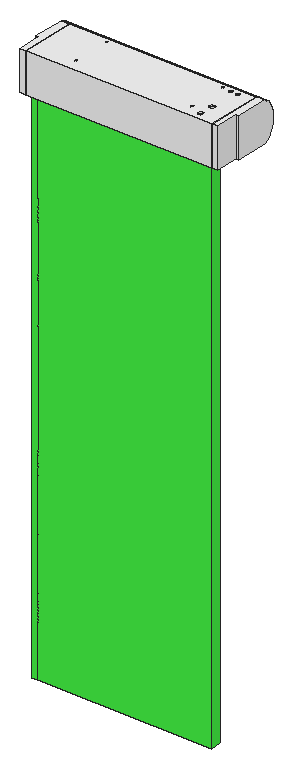
Revit family "Thermoscreens_AirCurtain_T1000NT", category Mechanical Equipment, Revit 2015
Parameters (values of type "T1000E NT")
  Weight (kg) = "28"
  WaterContent = "n/a"
  WarrantyStartDate(default) = "from date sold"
  WarrantyGuarantorParts = "2 years"
  WarrantyGuarantorLabour = "2years"
  WarrantyDurationParts = "2years"
  WarrantyDurationLabour = "2 years"
  WarrantyDescription = "unit fully covered for 2 years"
  Version = 1 mm
  UsageCurrent = "14.1"
  UnitWidth = 233.4 mm
  UnitLength = 1059 mm
  Uniclass2 = "G52HVAC"
  URL = "http://www.thermoscreens.com/"
  Type Comments = "0.0"
  TubingLength = 87 mm
  ThermalMassHeatCapacity = "0.0"
  ThermalEfficiency = 0 mm
  TempertureClassification = "Low Temperature"
  TagNumber(default) = "n/a"
  SustainabilityPerformance = "n/a"
  Supply(50Hz) = "400V~3P&N"
  Status = "New"
  Size = "1196 x 377 x 275"
  Shape = "n/a"
  ServiceLifeType = "n/a"
  ServiceLifeDuration = "2 years"
  SerialNumber(default) = "n/a"
  RightHandAssembly = no
  ReferenceStandard = "n/a"
  Reference = "n/a"
  RatedVoltage = "400v 3Phase+N"
  RatedCurrent = 13.7 mm
  ProductionYear = "2015"
  Product URL = "http://www.thermoscreens.com/our-product-range/t-range"
  Process = "n/a"
  PowerFactor = 0 mm
  PlacementType = 0 mm
  ReplacementCost = "n/a"
  PhaseReference = "L1 L2 L3+N+E"
  PhaseAngle = 0 mm
  OutputCapacity = "6/9"
  NumberOfSections = 0 mm
  NumberOfPoles = 0 mm
  NumberOfPanels = 0 mm
  NominalWidth = "225mm"
  NominalVoltage = "0.0"
  NominalLength = "1196mm"
  NominalHeight = "377mm"
  NominalFrequencyRange = 0 mm
  NominalCurrent = "+5% of 400v"
  NBSTypeID = "n/a"
  NBSReference = "n/a"
  NBSNote = "n/a"
  NBSDecription = "Surface mouted air curtain"
  MountingHeight = 3000 mm
  ModelReference = "T1000E NT"
  ModelLable = "n/a"
  Model = "T1000E NT"
  MinToMaxOffsetFromFloor = "up to 3meters"
  MethodOfMeasurement = "mm"
  MaxiumMountingHeight = 3000 mm
  Max.Velocity(m/s) = "8"
  Max.AirVolume(m3/h) = "1320"
  Material = "20 gauge sheet steel"
  ManufacturerURL = "http://www.thermoscreens.com/"
  Manufacturer = "Thermoscreens LTD"
  Loading(A)*PerPhase = "14.1"
  LifeCyclePhase = "n/a"
  LeftHandAssembly = yes
  Keynote = "n/a"
  IssueDate = "26/03/15"
  InsulationStandardClass = "0.0"
  InstallationDate(default) = "n/a"
  IfcExportType = "n/a"
  IfcExportAs = "n/a"
  IP_Code = "IP21"
  Help = "http://www.thermoscreens.com/contact-us"
  HeatTransferMedium = "n/a"
  HeatTransferDimension = "n/a"
  Heat source = "Electric heated elements or low pressure hot water coils"
  HeatOutput(kW) = "6/9"
  HasProtectiveEarth = "True"
  Grade = "n/a"
  Finish = "Corrision resistant pre-finished 20 gauge sheet steel"
  Filters(optional) = "PS media"
  Features = "n/a"
  Fans = "100mm forward curved metal bladed crossflow impellers"
  EnergySource = 0 mm
  ElectrialDeviceNominalPower = "6/9(kW)"
  Documentation = "n/a"
  DocumentReference = "n/a"
  Description = "Thermoscreens T range of air curtains will provide climate separation and available in standard widths of 1, 1.5 and 2m.  Models available are ambient (without heating), electrical or water heated versions. Water heated (LPHW) versions are available with 2 and 3 row coils. Motorised three port valves are supplied as standard with all LPHW models. Electrical and LPHW models are supplied complete with Ecopower control."
  Author = "Thermoscreens ltd"
  Coulor = "RAL standard 9010 (white) this can be changed upon request of the customer"
  Cost = 0
  Constituents = "n/a"
  Connections = "Electrial supply inlet"
  ConductorFunction = "0.0"
  Color = "As standered white but this can be changed to the ordered color."
  CodePerformance = "n/a"
  CenterY = UnitWidth / 2  # 116.7 mm
  CenterX = UnitLength / 2  # 529.5 mm
  BodyMass(kg) = 28 mm
  BarCode(default) = "n/a"
  BIMObjectName = "Thermoscreens_AirCurtain_C1000ENT"
  AssetIdentifier(default) = "n/a"
  Assembly Code = "0.0"
  AirFlowDirection = yes
  Air flow = yes
  AccessibilityPerformance = "n/a"
  **dB(A) @3m Med = "55"
  **dB(A) @3m Low = "54"
  **dB(A)@3mHigh = "56"
Types (4, lengths in mm): name | Weight (kg) | UsageCurrent | UnitLength | TubingLength | Supply(50Hz) | Size | RatedVoltage | RatedCurrent | OutputCapacity | NominalWidth | NominalLength | NominalHeight | NominalCurrent | ModelReference | Model | Max.Velocity(m/s) | Max.AirVolume(m3/h) | Loading(A)*PerPhase | IssueDate | Heat source | HeatOutput(kW) | ElectrialDeviceNominalPower | CenterX | BodyMass(kg) | BIMObjectName | Assembly Code
  (no name) | "28" | "14.1" | 1059 | 87 | "400V~3P&N" | "1196 x 377 x 275" | "400v 3Phase+N" | 13.7 | "6/9" | "225mm" | "1196mm" | "377mm" | "+5% of 400v" | "T1000E NT" | "T1000E NT" | "8" | "1320" | "14.1" | "26/03/15" | "Electric heated elements or low pressure hot water coils" | "6/9" | "6/9(kW)" | 529.5 | 28 | "Thermoscreens_AirCurtain_C1000ENT" | "0.0"
  T1000E NT | "28" | "14.1" | 1059 | 87 | "400V~3P&N" | "1196 x 377 x 275" | "400v 3Phase+N" | 13.7 | "6/9" | "225mm" | "1196mm" | "377mm" | "+5% of 400v" | "T1000E NT" | "T1000E NT" | "8" | "1320" | "14.1" | "26/03/15" | "Electric heated elements or low pressure hot water coils" | "6/9" | "6/9(kW)" | 529.5 | 28 | "Thermoscreens_AirCurtain_C1000ENT" | "0.0"
  T1000A NT | "27" | "0.7" | 1059 | 87 | "230V~1P&N" | "1196 x 377 x 275" | "230v 1Phase+N" | 0.7 | "n/a" | "198mm" | "1137mm" | "275mm" | "+5% of 230v" | "T1000A NT" | "T1000A NT" | "9.0" | "1250" | "1.1" | "26/03/15" | "n/a" | "n/a" | "n/a" | 529.5 | 27 | "Thermoscreens_AirCurtain_1000ANT" | "n/a"
  C1000W NT | "29" | "1.1" | 1104 | 0 | "230V~1P&N" | "1196 x 377x 225" | "230v 1Phase+N" | 0.7 | "9" | "2255mm" | "1250mm" | "377mm" | "+5% of 230v" | "T1000W NT" | "T1000W NT" | "8.5" | "1250" | "1.1" | "26/03/2015" | "Electric heated elements or low pressure hot water coils" | "9" | "9(kW)" | 552 | 29 | "Thermoscreens_AirCurtain_T1000WNT" | "0.0"
Reference planes
  plane 1 "Center (Front/Back)": y = 0
  plane 2: z = 3000
  plane 3 "Center (Left/Right)": x = 0
Forms (mm)
  Extrusion 1, solid, material "Default"
    sketch origin (0, 0, 3000) x (1, 0, 0) y (0, 1, 0)
      loop
        line (552, -116.7) -> (552, 200.3) -> (-519.245, 200.3) -> (-519.245, -116.7) -> (552, -116.7)
    from 0 to 1.2
  Extrusion 2, solid, material "Default"
    sketch origin (552, -116.7, 3000) x (-1, 0, 0) y (0, 0, -1)
      loop
        line (1071.245, 0) -> (0, 0) -> (0, -225) -> (1071.245, -225) -> (1071.245, 0)
    from 0 to -1.2
  Extrusion 3, solid, material "Default"
    sketch origin (-550.698, 116.7, 3198) x (0, -1, 0) y (1, 0, 0)
      loop
        line (233.4, 31.612) -> (233.4, 1102.698) -> (-83.6, 1102.698) -> (-83.6, 31.612) -> (233.4, 31.612)
    from 27 to 26.1
  Extrusion 4, solid, material "Default"
    sketch origin (552, -116.7, 3225) x (0, 0, -1) y (0, 1, 0)
      loop
        line (0, 317) -> (225, 317) -> (207.5, 347.311)
        arc (207.5, 347.311) -> (112.5, 377) -> (17.5, 347.311) r 166.836
        line (17.5, 347.311) -> (0, 317)
    from 0 to -1104
  Extrusion 5, solid, material "Default"
    sketch origin (552, -116.7, 3225) x (0, 0, -1) y (0, 1, 0)
      loop
        line (0, 0) -> (225, 0) -> (225, 317) -> (207.5, 347.311)
        arc (207.5, 347.311) -> (112.5, 377) -> (17.5, 347.311) r 166.836
        line (17.5, 347.311) -> (0, 317) -> (0, 0)
    from 0 to 32
  Extrusion 6, solid, material "Default"
    sketch origin (584, -116.7, 3225) x (0, 0, -1) y (0, 1, 0)
      loop
        line (0, 130) -> (225, 130) -> (225, 317) -> (207.5, 347.311)
        arc (207.5, 347.311) -> (112.5, 377) -> (17.5, 347.311) r 166.836
        line (17.5, 347.311) -> (0, 317) -> (0, 130)
    from 0 to 14
  Extrusion 7, solid, material "Default"
    sketch origin (-551.1, -116.7, 3000) x (0, 0, -1) y (0, 1, 0)
      loop
        line (-225, 317) -> (-225, 0) -> (0, 0) -> (0, 317) -> (-17.5, 347.311)
        arc (-17.5, 347.311) -> (-112.5, 377) -> (-207.5, 347.311) r 166.836
        line (-207.5, 347.311) -> (-225, 317)
    from 0 to 32
  Extrusion 8, solid, material "Default"
    sketch origin (-552, -116.7, 3000) x (0, 0, 1) y (0, 1, 0)
      loop
        line (225, 130) -> (225, 317) -> (207.5, 347.311)
        arc (207.5, 347.311) -> (112.5, 377) -> (17.5, 347.311) r 166.836
        line (17.5, 347.311) -> (0, 317) -> (0, 130) -> (225, 130)
    from -0.9 to 14
  Extrusion 9, void
    sketch origin (-520.071, -116.7, 3225) x (0, 1, 0) y (1, 0, 0)
      loop
        circle (40, 975.071) r 15
      loop
        circle (120, 975.071) r 15
      loop
        circle (280, 995.071) r 10
      loop
        circle (280, 955.071) r 10
    from 0 to 0.9
  Extrusion 10, void
    sketch origin (-520.071, -116.7, 3225) x (0, 1, 0) y (1, 0, 0)
      loop
        circle (69, 235.527) r 5
      loop
        circle (289, 235.527) r 5
      loop
        circle (289, 902.771) r 5
      loop
        circle (69, 902.771) r 5
    from 0 to 0.9
  Extrusion 11, solid, material "Default New Material"
    sketch origin (-520.071, -116.7, 3000) x (0, -1, 0) y (-1, 0, 0)
      loop
        line (-22, -1052.071) -> (-22, -53.727) -> (-22, -20.827) -> (-57, -20.827) -> (-82, -20.827) -> (-82, -53.727) -> (-82, -1052.071) -> (-22, -1052.071)
    from 0 to 3000
Cuts and joins
  Extrusion 9, Extrusion 10 cuts Extrusion 1
  Extrusion 9, Extrusion 10 cuts Extrusion 2
  Extrusion 9, Extrusion 10 cuts Extrusion 3
  joined: Extrusion 1, Extrusion 2, Extrusion 3
  joined: Extrusion 7, Extrusion 8
  joined: Extrusion 5, Extrusion 6
Lines and regions (mm)
  model lines, visible <- "AirFlowDirection", detail levels fine
    curve 1: line (0, -81.532, 2990) -> (0, -79.505, 2990)
    curve 2: line (0, -79.505, 2990) -> (0, -79.505, 2980)
    curve 3: line (0, -79.505, 2980) -> (0, -77.505, 2980)
    curve 4: line (0, -81.532, 2990) -> (0, -81.532, 2980)
    curve 5: line (0, -81.532, 2980) -> (0, -83.532, 2980)
    curve 6: line (0, -80.5, 2973) -> (0, -83.532, 2980)
    curve 7: line (0, -80.5, 2973) -> (0, -77.505, 2980)
Dimensions and locks
  "CenterY": plane 1 "Center (Front/Back)" to Extrusion 1 sketch curve
  aligned and locked: level to plane 2
Automatic sketch dimensions
  plane 1 "Center (Front/Back)" to curve 6 = 83.532 mm
  curve 5 to curve 4 = 2 mm
  curve 4 to curve 3 = 2.027 mm
  curve 4 to curve 2 = 0 mm
  curve 2 to curve 2 = 10 mm
  curve 7 to level = 20 mm
  curve 2 to curve 7 = 2 mm
  curve 6 to level = 27 mm
  curve 6 to curve 2 = 0.995 mm
  Extrusion 2 sketch curve to Extrusion 1 = 0 mm  (x2)
  Extrusion 2 sketch curve to Extrusion 1 = 223.8 mm
  Extrusion 3 sketch curve to plane 1 "Center (Front/Back)" = 200.3 mm
  plane 1 "Center (Front/Back)" to Extrusion 3 sketch curve = 116.7 mm
  Extrusion 3 sketch curve to plane 3 "Center (Left/Right)" = 519.085 mm
  plane 3 "Center (Left/Right)" to Extrusion 3 sketch curve = 552 mm
  Extrusion 1 sketch curve to plane 1 "Center (Front/Back)" = 200.3 mm
  plane 3 "Center (Left/Right)" to Extrusion 1 sketch curve = 552 mm
  Extrusion 1 sketch curve to plane 3 "Center (Left/Right)" = 519.245 mm
  Extrusion 1 to Extrusion 2 sketch curve = 0 mm
  Extrusion 6 sketch curve to Extrusion 5 = 0 mm  (x4)
  Extrusion 5 to Extrusion 6 sketch curve = 0 mm  (x2)
  Extrusion 6 sketch curve to Extrusion 5 = 130 mm
  Extrusion 9 sketch curve to Extrusion 2 = 38.8 mm
  Extrusion 9 sketch curve to Extrusion 9 sketch curve = 80 mm
  Extrusion 2 to Extrusion 9 sketch curve = 77 mm
  Extrusion 2 to Extrusion 9 sketch curve = 97 mm
  Extrusion 9 sketch curve to Extrusion 9 sketch curve = 0 mm  (x2)
  Extrusion 9 sketch curve to Extrusion 9 sketch curve = 160 mm
  Extrusion 9 sketch curve to Extrusion 9 sketch curve = 40 mm
  Extrusion 10 sketch curve to Extrusion 2 = 67.8 mm  (x2)
  Extrusion 2 to Extrusion 10 sketch curve = 169.3 mm  (x2)
  Extrusion 10 sketch curve to Extrusion 10 sketch curve = 220 mm  (x2)
  Extrusion 10 sketch curve to Extrusion 2 = 234.7 mm
  Extrusion 10 sketch curve to Extrusion 10 sketch curve = 0 mm
  Extrusion 4 sketch curve to level = 0 mm
  level to Extrusion 4 sketch curve = 17.5 mm
  level to Extrusion 4 sketch curve = 112.5 mm
  Extrusion 4 sketch curve to Extrusion 4 sketch curve = 95 mm
  Extrusion 4 sketch curve to Extrusion 4 sketch curve = 17.5 mm
  Extrusion 4 sketch curve to plane 1 "Center (Front/Back)" = 93.464 mm
  Extrusion 4 sketch curve to Extrusion 4 sketch curve = 106.836 mm
  Extrusion 4 sketch curve to Extrusion 4 sketch curve = 30.311 mm
  Extrusion 5 sketch curve to level = 0 mm
  level to Extrusion 5 sketch curve = 17.5 mm
  Extrusion 5 sketch curve to plane 1 "Center (Front/Back)" = 93.464 mm
  level to Extrusion 5 sketch curve = 112.5 mm
  Extrusion 5 sketch curve to Extrusion 5 sketch curve = 95 mm
  level to Extrusion 5 sketch curve = 225 mm
  plane 1 "Center (Front/Back)" to Extrusion 5 sketch curve = 116.7 mm
  Extrusion 5 sketch curve to Extrusion 5 sketch curve = 106.836 mm  (x2)
  Extrusion 5 sketch curve to Extrusion 5 sketch curve = 30.311 mm
  Extrusion 7 sketch curve to level = 0 mm
  level to Extrusion 7 sketch curve = 17.5 mm
  level to Extrusion 7 sketch curve = 112.5 mm
  Extrusion 7 sketch curve to Extrusion 7 sketch curve = 95 mm
  Extrusion 7 sketch curve to Extrusion 7 sketch curve = 17.5 mm
  plane 1 "Center (Front/Back)" to Extrusion 7 sketch curve = 116.7 mm
  Extrusion 7 sketch curve to plane 1 "Center (Front/Back)" = 93.464 mm
  Extrusion 7 sketch curve to Extrusion 7 sketch curve = 106.836 mm  (x2)
  Extrusion 7 sketch curve to Extrusion 7 sketch curve = 30.311 mm
  Extrusion 8 sketch curve to level = 0 mm
  level to Extrusion 8 sketch curve = 17.5 mm
  Extrusion 8 sketch curve to plane 1 "Center (Front/Back)" = 93.464 mm
  level to Extrusion 8 sketch curve = 112.5 mm
  Extrusion 8 sketch curve to Extrusion 8 sketch curve = 95 mm
  Extrusion 8 sketch curve to Extrusion 8 sketch curve = 17.5 mm
  Extrusion 8 sketch curve to plane 1 "Center (Front/Back)" = 13.3 mm
  Extrusion 8 sketch curve to Extrusion 8 sketch curve = 106.836 mm  (x2)
  Extrusion 8 sketch curve to Extrusion 8 sketch curve = 30.311 mm
  Extrusion 2 to Extrusion 11 sketch curve = 80.8 mm
  Extrusion 11 sketch curve to Extrusion 11 sketch curve = 32.9 mm  (x2)
  Extrusion 2 to Extrusion 11 sketch curve = 20 mm
  Extrusion 2 to Extrusion 11 sketch curve = 20.8 mm
  Extrusion 11 sketch curve to Extrusion 11 sketch curve = 25 mm
  Extrusion 2 to Extrusion 11 sketch curve = 52.9 mm
  radius of Extrusion 6 sketch curve to Extrusion 5 = 0 mm
  radius of Extrusion 9 sketch curve = 15 mm  (x2)
  radius of Extrusion 9 sketch curve = 10 mm  (x2)
  radius of Extrusion 10 sketch curve = 5 mm  (x4)
Connectors
  piping at (455, 3.3, 3225), diameter 30
    settings: on cut or joined group of Extrusion 1, Extrusion 2, Extrusion 3, Extrusion 9, Extrusion 10, index 1, connector inside diameter 609.6 mm, connector length 0 mm, flow factor 0, pipe flow 0.0 L/s, pressure drop 0.0 Pa, fitting loss kfactor 0, connector angle 0.00°, fixture units 0, engagement length 0 mm, angle of deflection 0.00°, flow configuration 0, flow direction 1, fitting loss method 0, system type 19, joint type 0, gender type 0, connector reference index -1, connector utility 0, adjustable connector no, is connector primary yes, connector description ""
  piping at (455, -76.7, 3224.1), diameter 30
    settings: on cut or joined group of Extrusion 1, Extrusion 2, Extrusion 3, Extrusion 9, Extrusion 10, index 2, connector inside diameter 609.6 mm, connector length 0 mm, flow factor 0, pipe flow 0.0 L/s, pressure drop 0.0 Pa, fitting loss kfactor 0, connector angle 0.00°, fixture units 0, engagement length 0 mm, angle of deflection 0.00°, flow configuration 0, flow direction 2, fitting loss method 0, system type 19, joint type 0, gender type 0, connector reference index -1, connector utility 0, adjustable connector no, is connector primary no, connector description ""
  piping at (-284.545, 172.3, 3224.1), diameter 10
    settings: on cut or joined group of Extrusion 1, Extrusion 2, Extrusion 3, Extrusion 9, Extrusion 10, index 3, connector inside diameter 609.6 mm, connector length 0 mm, flow factor 0, pipe flow 0.0 L/s, pressure drop 0.0 Pa, fitting loss kfactor 0, connector angle 0.00°, fixture units 0, engagement length 0 mm, angle of deflection 0.00°, flow configuration 0, flow direction 0, fitting loss method 0, system type 28, joint type 0, gender type 0, connector reference index -1, connector utility 0, adjustable connector no, is connector primary no, connector description ""
  piping at (-284.545, -47.7, 3225), diameter 10
    settings: on cut or joined group of Extrusion 1, Extrusion 2, Extrusion 3, Extrusion 9, Extrusion 10, index 4, connector inside diameter 609.6 mm, connector length 0 mm, flow factor 0, pipe flow 0.0 L/s, pressure drop 0.0 Pa, fitting loss kfactor 0, connector angle 0.00°, fixture units 0, engagement length 0 mm, angle of deflection 0.00°, flow configuration 0, flow direction 0, fitting loss method 0, system type 28, joint type 0, gender type 0, connector reference index -1, connector utility 0, adjustable connector no, is connector primary no, connector description ""
  piping at (382.7, 172.3, 3224.1), diameter 10
    settings: on cut or joined group of Extrusion 1, Extrusion 2, Extrusion 3, Extrusion 9, Extrusion 10, index 5, connector inside diameter 609.6 mm, connector length 0 mm, flow factor 0, pipe flow 0.0 L/s, pressure drop 0.0 Pa, fitting loss kfactor 0, connector angle 0.00°, fixture units 0, engagement length 0 mm, angle of deflection 0.00°, flow configuration 0, flow direction 0, fitting loss method 0, system type 28, joint type 0, gender type 0, connector reference index -1, connector utility 0, adjustable connector no, is connector primary no, connector description ""
  piping at (382.7, -47.7, 3224.1), diameter 10
    settings: on cut or joined group of Extrusion 1, Extrusion 2, Extrusion 3, Extrusion 9, Extrusion 10, index 6, connector inside diameter 609.6 mm, connector length 0 mm, flow factor 0, pipe flow 0.0 L/s, pressure drop 0.0 Pa, fitting loss kfactor 0, connector angle 0.00°, fixture units 0, engagement length 0 mm, angle of deflection 0.00°, flow configuration 0, flow direction 0, fitting loss method 0, system type 28, joint type 0, gender type 0, connector reference index -1, connector utility 0, adjustable connector no, is connector primary no, connector description ""
  electrical at (435, 163.3, 3224.1)
    settings: on cut or joined group of Extrusion 1, Extrusion 2, Extrusion 3, Extrusion 9, Extrusion 10, index 7, voltage 0 V, apparent load 0 VA, apparent load phase1 0 VA, apparent load phase2 0 VA, apparent load phase3 0 VA, power factor 1, load classification "Other", number of poles 1, system type 14, power factor state 1, is connector primary yes, connector utility no, sub classification motor no, connector description ""
  electrical at (475, 163.3, 3225)
    settings: on cut or joined group of Extrusion 1, Extrusion 2, Extrusion 3, Extrusion 9, Extrusion 10, index 8, voltage 0 V, apparent load 0 VA, apparent load phase1 0 VA, apparent load phase2 0 VA, apparent load phase3 0 VA, power factor 1, load classification "Other", number of poles 1, system type 14, power factor state 1, is connector primary no, connector utility no, sub classification motor no, connector description ""
